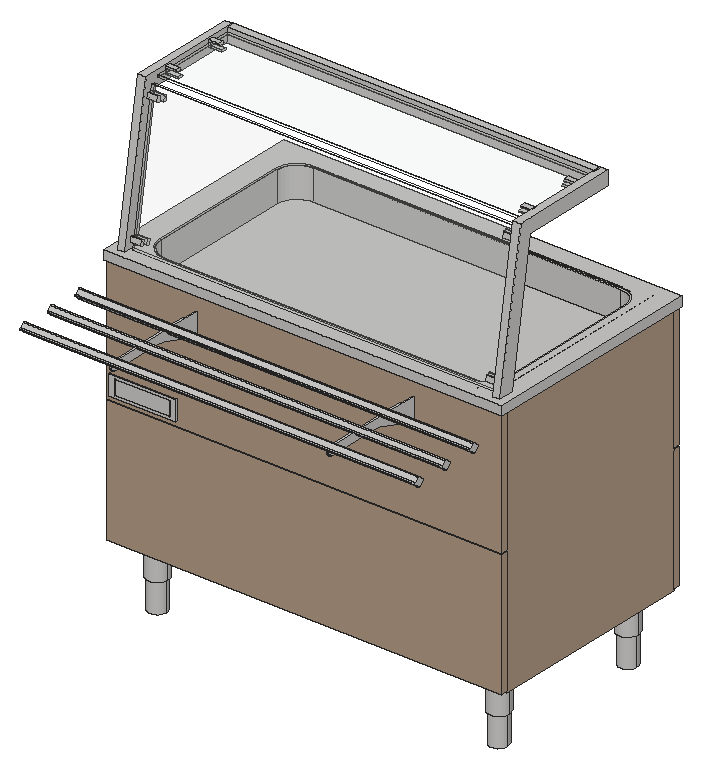
Revit family "QF_ELECTROLUXPROFESSIONAL_322097_F14C3AF01W", category Specialty Equipment, Revit 2018
Family settings
  Round Connector Dimension = Use Diameter
  Part Type = Normal
  Work Plane-Based = No
  Always vertical = Yes
  Cut with Voids When Loaded = No
  Shared = No
  Room Calculation Point = No
Parameters (values of type "Standard")
  Weight = 122.00 kg
  Watts = 0 W
  Volts = 220 V
  URL Manufacturer = "http://professional.electrolux.com"
  URL = "http://professional.electrolux.com"
  Steam Supply Size = 0 mm
  Steam Supply Minimum Pressure = 0.0 Pa
  Steam Supply Maximum Pressure = 0.0 Pa
  Steam Pounds per Hour = 0
  Show Clearance [instance] = yes
  Refrigeration Suction Line Size = 0 mm
  Refrigeration Liquid Line Size = 0 mm
  Refrigerant Compressor Remote = yes
  Manufacturer = "Electrolux Professional"
  Phase = 1
  Model = "F14C3AF01W"
  Length Actual = 1100 mm  # constant formula
  Item Number = "322097"
  Hot Water Size = 0 mm
  Height Actual = 1304 mm  # constant formula
  HP = "0 HP"
  Gas Size = 0 mm
  Gas KW = 0
  Gas Input Pressure = 0 W
  Direct Waste Size = 0 mm
  Description = "REFRIGERATED S/S SURFACE, 3GN H=900MM OVERSHELF W/LED LIGHTS"
  Depth Actual = 915 mm  # constant formula
  Cycle = 50 Hz
  Condensate Return Size = 0 mm
  Compressed Air Volume = 0.0 L/s
  Compressed Air Size = 0 mm
  Compressed Air Pressure = 0.0 Pa
  Cold Water Size = 0 mm
  Accessory = yes
Types (2, lengths in mm): name | URL | Manufacturer | Phase | Model | Description
  (no name) | 0 | 0 | 0 | 0 | 0
  Standard | "http://professional.electrolux.com" | "Electrolux Professional" | 1 | "F14C3AF01W" | "REFRIGERATED S/S SURFACE, 3GN H=900MM OVERSHELF W/LED LIGHTS"
Values of the unnamed type that differ from the named types
  Volts = 0 V
  URL Manufacturer = ""
  Item Number = ""
  Cycle = 0 Hz
Reference planes
  plane 1 "Centro (Fronte/Retro)": y = 74.737
  plane 2: z = 0
  plane 3 "BACK": y = 384.737
  plane 4 "FRONT": y = -235.263
  plane 5: z = 900
  plane 6 "RIGHT": x = 35.731
  plane 7 "LEFT": x = -1064.269
  plane 8: x = -514.269
  plane 9: y = 664.737
  plane 10: y = -530.02
  plane 11: z = 178
  plane 12: z = 1304
  plane 13: z = 1222
  plane 14: y = 297.737
  plane 15: y = -148.263
  plane 16: x = -986.269
  plane 17: x = -42.269
  plane 18: x = -1060.269
  plane 19: y = -231.263
  plane 20: x = 31.731
  plane 21: y = 380.737
  plane 22: z = 874
  plane 23: y = 362.737
  plane 24: y = -213.263
  plane 25: z = 182
  plane 26: z = 527
  plane 27: z = 531
  plane 28: x = -212.269
  plane 29: x = -816.269
  plane 30: x = -1042.394
  plane 31: x = 13.856
  plane 32: x = -6.144
  plane 33: x = -1022.394
  plane 34: x = -1014.269
  plane 35: x = -14.269
  plane 36: y = 130.237
  plane 37: y = 19.237
  plane 38: y = 33.237
  plane 39: y = 116.237
  plane 40: x = -952.269
  plane 41: x = -69.269
Forms (mm)
  Extrusion 1, solid, material "QF_Finishes_Wood"
    sketch origin (0, 0, 0) x (1, 0, 0) y (0, 1, 0)
      loop
        line (-1060.269, 362.737) -> (-1060.269, -213.263) -> (31.731, -213.263) -> (31.731, 362.737) -> (-1060.269, 362.737)
    from 178 to 874
  Extrusion 2, solid, material "QF_Finishes_Wood"
    sketch origin (31.731, 362.737, 0) x (0, -1, 0) y (0, 0, -1)
      loop
        line (576, -182) -> (576, -527) -> (594, -527) -> (594, -182) -> (576, -182)
      loop
        line (576, -531) -> (576, -874) -> (594, -874) -> (594, -531) -> (576, -531)
    from 0 to -1092
  Extrusion 3, solid, material "QF_Finishes_Wood"
    sketch origin (31.731, -213.263, 0) x (0, 1, 0) y (0, 0, 1)
      loop
        line (576, 531) -> (594, 531) -> (594, 874) -> (576, 874) -> (576, 531)
    from 0 to -1092
  Extrusion 4, solid, material "QF_Finishes_Stainless Steel"
    sketch origin (0, 0, 0) x (1, 0, 0) y (0, 1, 0)
      loop
        line (-1064.269, 384.737) -> (-1064.269, -235.263) -> (35.731, -235.263) -> (35.731, 384.737) -> (-1064.269, 384.737)
    from 874 to 900
  Extrusion 5, solid, material "QF_Finishes_Stainless Steel"
    sketch origin (-217.269, 362.737, 0) x (0, -1, 0) y (0, 0, -1)
      loop
        arc (628.84, -832.7) -> (632.082, -833.911) -> (635.519, -834.32) r 14.5
        line (635.519, -834.32) -> (675.715, -834.32) -> (689.858, -820.177) -> (704, -834.32) -> (770.715, -834.32) -> (784.858, -820.177) -> (799, -834.32) -> (865.716, -834.32) -> (879.858, -820.177) -> (887.686, -828.005) -> (887.686, -821.352)
        arc (887.686, -821.352) -> (887.303, -819.435) -> (886.214, -817.81) r 4.999
        line (886.214, -817.81) -> (881.179, -812.776)
        arc (881.179, -812.776) -> (879.559, -811.698) -> (877.651, -811.32) r 5
        line (877.651, -811.32) -> (732.206, -811.32)
        arc (732.206, -811.32) -> (708.662, -809.221) -> (685.86, -802.991) r 133.106
        line (685.86, -802.991) -> (638.285, -785.32) -> (597.679, -770.12) -> (594, -770.12) -> (594, -832.7) -> (628.84, -832.7)
    from 0 to 5
  Extrusion 6, void
    sketch origin (0, 0, 0) x (1, 0, 0) y (0, 1, 0)
      loop
        line (-999.269, 273.737) -> (-999.269, -124.263)
        arc (-999.269, -124.263) -> (-981.402, -167.396) -> (-938.269, -185.263) r 61
        line (-938.269, -185.263) -> (-90.269, -185.263)
        arc (-90.269, -185.263) -> (-47.135, -167.396) -> (-29.269, -124.263) r 61
        line (-29.269, -124.263) -> (-29.269, 273.737)
        arc (-29.269, 273.737) -> (-47.135, 316.871) -> (-90.269, 334.737) r 61
        line (-90.269, 334.737) -> (-938.269, 334.737)
        arc (-938.269, 334.737) -> (-981.402, 316.871) -> (-999.269, 273.737) r 61
    from 811.32 to 900
  Extrusion 7, solid, material "QF_Finishes_Wood"
    sketch origin (419.731, -213.263, -348) x (0, 1, 0) y (0, 0, 1)
      loop
        line (576, 530) -> (594, 530) -> (594, 875) -> (576, 875) -> (576, 530)
    from -388 to -658.044
  Extrusion 8, solid, material "QF_Finishes_Wood"
    sketch origin (-234.269, -213.263, -348) x (0, 1, 0) y (0, 0, 1)
      loop
        line (576, 530) -> (594, 530) -> (594, 875) -> (576, 875) -> (576, 530)
    from -548.963 to -826
  Extrusion 9, solid, material "QF_Door-Drawer Clearances", visible <- "Show Clearance"
    sketch origin (0, -4, 0) x (1, 0, 0) y (0, 1, 0)
      loop
        line (-783.232, 384.737) -> (-238.312, 384.737) -> (-710.987, 657.636)
        arc (-710.987, 657.636) -> (-765.12, 525.955) -> (-783.232, 384.737) r 544.001
    from 182 to 527
  Extrusion 10, solid, material "QF_Finishes_Stainless Steel"
    sketch origin (-816.269, 362.737, 0) x (0, -1, 0) y (0, 0, -1)
      loop
        arc (628.84, -832.7) -> (632.082, -833.911) -> (635.519, -834.32) r 14.5
        line (635.519, -834.32) -> (675.715, -834.32) -> (689.858, -820.177) -> (704, -834.32) -> (770.715, -834.32) -> (784.858, -820.177) -> (799, -834.32) -> (865.716, -834.32) -> (879.858, -820.177) -> (887.686, -828.005) -> (887.686, -821.352)
        arc (887.686, -821.352) -> (887.303, -819.435) -> (886.214, -817.81) r 4.999
        line (886.214, -817.81) -> (881.179, -812.776)
        arc (881.179, -812.776) -> (879.559, -811.698) -> (877.651, -811.32) r 5
        line (877.651, -811.32) -> (732.206, -811.32)
        arc (732.206, -811.32) -> (708.662, -809.221) -> (685.86, -802.991) r 133.106
        line (685.86, -802.991) -> (638.285, -785.32) -> (597.679, -770.12) -> (594, -770.12) -> (594, -832.7) -> (628.84, -832.7)
    from 0 to 5
  Extrusion 11, solid, material "QF_Finishes_Stainless Steel"
    sketch origin (31.731, 362.737, 0) x (0, -1, 0) y (0, 0, -1)
      loop
        line (881.983, -846.337) -> (891.875, -836.445)
        arc (891.875, -836.445) -> (892.757, -834.322) -> (891.879, -832.198) r 3
        line (891.879, -832.198) -> (881.979, -822.299)
        arc (881.979, -822.299) -> (879.858, -821.42) -> (877.737, -822.299) r 3
        line (877.737, -822.299) -> (867.837, -832.198)
        arc (867.837, -832.198) -> (866.958, -834.32) -> (867.837, -836.441) r 3
        line (867.837, -836.441) -> (877.737, -846.34)
        arc (877.737, -846.34) -> (879.86, -847.219) -> (881.983, -846.337) r 3
      loop
        line (786.979, -846.34) -> (796.879, -836.441)
        arc (796.879, -836.441) -> (797.757, -834.32) -> (796.879, -832.198) r 3
        line (796.879, -832.198) -> (786.979, -822.299)
        arc (786.979, -822.299) -> (784.858, -821.42) -> (782.737, -822.299) r 3
        line (782.737, -822.299) -> (772.837, -832.198)
        arc (772.837, -832.198) -> (771.958, -834.317) -> (772.833, -836.437) r 3
        line (772.833, -836.437) -> (782.741, -846.345)
        arc (782.741, -846.345) -> (784.861, -847.219) -> (786.979, -846.34) r 3
      loop
        line (691.976, -846.343) -> (701.882, -836.438)
        arc (701.882, -836.438) -> (702.757, -834.318) -> (701.879, -832.198) r 3
        line (701.879, -832.198) -> (691.979, -822.299)
        arc (691.979, -822.299) -> (689.858, -821.42) -> (687.737, -822.299) r 3
        line (687.737, -822.299) -> (677.837, -832.198)
        arc (677.837, -832.198) -> (676.958, -834.32) -> (677.837, -836.441) r 3
        line (677.837, -836.441) -> (687.737, -846.34)
        arc (687.737, -846.34) -> (689.856, -847.219) -> (691.976, -846.343) r 3
    from 0 to -1092
  Extrusion 12, solid, material "QF_Finishes_Stainless Steel"
    sketch origin (31.731, 362.737, 0) x (0, -1, 0) y (0, 0, -1)
      loop
        line (206.477, -1264.379) -> (206.477, -1304) -> (507.108, -1304) -> (578.344, -900) -> (537.727, -900) -> (473.477, -1264.379) -> (206.477, -1264.379)
    from -17.875 to -37.875
  Extrusion 13, solid, material "QF_Finishes_Stainless Steel"
    sketch origin (-895.269, 362.737, 0) x (0, -1, 0) y (0, 0, 1)
      loop
        line (206.477, 1264.379) -> (473.477, 1264.379) -> (537.727, 900) -> (578.344, 900) -> (507.108, 1304) -> (206.477, 1304) -> (206.477, 1264.379)
    from 147.125 to 127.125
  Extrusion 14, solid, material "QF_Finishes_Glass"
    sketch origin (-133.269, -231.263, 531) x (0, 0, 1) y (-1, 0, 0)
      loop
        line (757.879, -119) -> (765.879, -119) -> (765.879, 881) -> (757.879, 881) -> (757.879, -119)
    from -361.5 to -120.204
  Extrusion 15, solid, material "QF_Finishes_Stainless Steel"
    sketch origin (0, 0, 0) x (1, 0, 0) y (0, 1, 0)
      loop
        line (-1022.394, 156.26) -> (-1022.394, 136.26) -> (-6.144, 136.26) -> (-6.144, 156.26) -> (-1022.394, 156.26)
    from 1264.379 to 1304
  Extrusion 16, solid, material "QF_Finishes_Glass"
    sketch origin (-133.269, 362.737, 0) x (0, -1, 0) y (0, 0, -1)
      loop
        line (494.569, -1282.974) -> (562.097, -900) -> (553.974, -900) -> (486.445, -1282.974) -> (494.569, -1282.974)
    from 119 to -881
  Extrusion 17, solid, material "QF_Finishes_Wood"
    sketch origin (314.688, -213.263, -348) x (0, 1, 0) y (0, 0, 1)
      loop
        line (576, 530) -> (594, 530) -> (594, 875) -> (576, 875) -> (576, 530)
    from -553 to -1097.92
  Extrusion 18, solid, material "QF_Finishes_Stainless Steel"
    sketch origin (-283.269, -64.263, 531) x (0, 0, 1) y (-1, 0, 0)
      loop
        line (765.879, 706.5) -> (770.879, 708.5) -> (770.879, 739.125) -> (750.879, 739.125) -> (750.879, 731) -> (751.974, 731) -> (751.974, 700.938) -> (755.879, 702.5) -> (755.879, 732) -> (765.879, 732) -> (765.879, 706.5)
    from 0 to 14
  Extrusion 19, solid, material "QF_Finishes_Stainless Steel"
    sketch origin (-283.269, 85.737, 531) x (0, 0, 1) y (-1, 0, 0)
      loop
        line (765.879, 706.5) -> (770.879, 708.5) -> (770.879, 739.125) -> (750.879, 739.125) -> (750.879, 731) -> (751.974, 731) -> (751.974, 700.938) -> (755.879, 702.5) -> (755.879, 732) -> (765.879, 732) -> (765.879, 706.5)
    from 0 to 14
  Extrusion 20, solid, material "QF_Finishes_Stainless Steel"
    sketch origin (-745.269, -64.263, 531) x (0, 0, 1) y (-1, 0, 0)
      loop
        line (765.879, -706.5) -> (765.879, -732) -> (755.879, -732) -> (755.879, -702.5) -> (751.974, -700.938) -> (751.974, -731) -> (750.879, -731) -> (750.879, -739.125) -> (770.879, -739.125) -> (770.879, -708.5) -> (765.879, -706.5)
    from 0 to 14
  Extrusion 21, solid, material "QF_Finishes_Stainless Steel"
    sketch origin (-745.269, 85.737, 531) x (0, 0, 1) y (-1, 0, 0)
      loop
        line (765.879, -706.5) -> (765.879, -732) -> (755.879, -732) -> (755.879, -702.5) -> (751.974, -700.938) -> (751.974, -731) -> (750.879, -731) -> (750.879, -739.125) -> (770.879, -739.125) -> (770.879, -708.5) -> (765.879, -706.5)
    from 0 to 14
  Extrusion 22, solid, material "QF_Finishes_Stainless Steel"
    sketch origin (-745.269, 619.458, 1129.907) x (0, -0.984808, 0.173648) y (-1, 0, 0)
      loop
        line (765.879, -706.5) -> (765.879, -732) -> (755.879, -732) -> (755.879, -702.5) -> (751.974, -700.938) -> (751.974, -731) -> (750.879, -731) -> (750.879, -739.125) -> (770.879, -739.125) -> (770.879, -708.5) -> (765.879, -706.5)
    from 0 to 14
  Extrusion 23, solid, material "QF_Finishes_Stainless Steel"
    sketch origin (-283.269, 619.458, 1129.907) x (0, -0.984808, 0.173648) y (-1, 0, 0)
      loop
        line (765.879, 706.5) -> (770.879, 708.5) -> (770.879, 739.125) -> (750.879, 739.125) -> (750.879, 731) -> (751.974, 731) -> (751.974, 700.938) -> (755.879, 702.5) -> (755.879, 732) -> (765.879, 732) -> (765.879, 706.5)
    from 0 to 14
  Extrusion 24, solid, material "QF_Finishes_Stainless Steel"
    sketch origin (-745.269, 562.154, 799.389) x (0, -0.984808, 0.173648) y (-1, 0, 0)
      loop
        line (765.879, -706.5) -> (765.879, -732) -> (755.879, -732) -> (755.879, -702.5) -> (751.974, -700.938) -> (751.974, -731) -> (750.879, -731) -> (750.879, -739.125) -> (770.879, -739.125) -> (770.879, -708.5) -> (765.879, -706.5)
    from 0 to 14
  Extrusion 25, solid, material "QF_Finishes_Stainless Steel"
    sketch origin (-283.269, 562.154, 799.389) x (0, -0.984808, 0.173648) y (-1, 0, 0)
      loop
        line (765.879, 706.5) -> (770.879, 708.5) -> (770.879, 739.125) -> (750.879, 739.125) -> (750.879, 731) -> (751.974, 731) -> (751.974, 700.938) -> (755.879, 702.5) -> (755.879, 732) -> (765.879, 732) -> (765.879, 706.5)
    from 0 to 14
  Extrusion 26, solid, material "QF_Finishes_Stainless Steel"
    sketch origin (-1193.537, 0, 0) x (-1, 0, 0) y (0, -1, 0)
      loop
        circle (-196.269, -124.737) r 10
    from 178 to 166
  Extrusion 27, solid, material "QF_Finishes_Stainless Steel"
    sketch origin (-1193.537, 149.474, 0) x (-1, 0, 0) y (0, -1, 0)
      loop
        circle (-196.269, 124.737) r 10
    from 178 to 166
Cuts and joins
  Extrusion 6 cuts Extrusion 1
  Extrusion 6 cuts Extrusion 4
Lines and regions (mm)
  symbolic lines
    curve 1: line (35.731, 384.737, 0) -> (35.731, -235.263, 0)
    curve 2: line (-1064.269, -235.263, 0) -> (-1064.269, 384.737, 0)
    curve 3: line (-1064.269, 384.737, 0) -> (35.731, 384.737, 0)
    curve 4: line (-1064.269, -235.263, 0) -> (35.731, -235.263, 0)
    curve 5: line (-14.269, -64.263, 0) -> (-14.269, 71.737, 0)
    curve 6: line (-1014.269, 71.737, 0) -> (-1014.269, -64.263, 0)
    curve 7: line (-1042.394, 156.26, 0) -> (13.856, 156.26, 0)
    curve 8: line (13.856, 156.26, 0) -> (13.856, -215.607, 0)
    curve 9: line (13.856, -215.607, 0) -> (-6.144, -215.607, 0)
    curve 10: line (-6.144, -215.607, 0) -> (-6.144, 156.26, 0)
    curve 11: line (-6.144, 136.26, 0) -> (-1022.394, 136.26, 0)
    curve 12: line (-1022.394, 156.26, 0) -> (-1022.394, -215.607, 0)
    curve 13: line (-1022.394, -215.607, 0) -> (-1042.394, -215.607, 0)
    curve 14: line (-1042.394, -215.607, 0) -> (-1042.394, 156.26, 0)
    curve 15: line (-1042.394, -144.371, 0) -> (-1022.394, -144.371, 0)
    curve 16: line (-6.144, -144.371, 0) -> (13.856, -144.371, 0)
    curve 17: line (-1014.269, 130.237, 0) -> (-1014.269, 85.737, 0)
    curve 18: line (-1014.269, 130.237, 0) -> (-14.269, 130.237, 0)
    curve 19: line (-14.269, 130.237, 0) -> (-14.269, 85.737, 0)
    curve 20: line (-14.269, -78.263, 0) -> (-14.269, -111.059, 0)
    curve 21: line (-6.144, 85.737, 0) -> (-44.331, 85.737, 0)
    curve 22: line (-44.331, 85.737, 0) -> (-44.331, 71.737, 0)
    curve 23: line (-44.331, 71.737, 0) -> (-6.144, 71.737, 0)
    curve 24: line (-6.144, -64.263, 0) -> (-44.331, -64.263, 0)
    curve 25: line (-44.331, -64.263, 0) -> (-44.331, -78.263, 0)
    curve 26: line (-44.331, -78.263, 0) -> (-6.144, -78.263, 0)
    curve 27: line (-1022.394, -64.263, 0) -> (-989.769, -64.263, 0)
    curve 28: line (-989.769, -64.263, 0) -> (-989.769, -78.263, 0)
    curve 29: line (-989.769, -78.263, 0) -> (-1022.394, -78.263, 0)
    curve 30: line (-1022.394, 85.737, 0) -> (-989.769, 85.737, 0)
    curve 31: line (-989.769, 85.737, 0) -> (-989.769, 71.737, 0)
    curve 32: line (-989.769, 71.737, 0) -> (-1022.394, 71.737, 0)
    curve 33: line (-1022.394, -142.14, 0) -> (-991.769, -142.14, 0)
    curve 34: line (-991.769, -142.14, 0) -> (-991.769, -139.709, 0)
    curve 35: line (-991.769, -139.709, 0) -> (-1022.394, -139.709, 0)
    curve 36: line (-991.769, -142.14, 0) -> (-989.769, -137.216, 0)
    curve 37: line (-1015.269, -134.785, 0) -> (-989.769, -134.785, 0)
    curve 38: line (-1015.269, -134.785, 0) -> (-1015.269, -124.937, 0)
    curve 39: line (-1015.269, -124.937, 0) -> (-1014.269, -124.937, 0)
    curve 40: line (-1015.269, -127.368, 0) -> (-1014.269, -127.368, 0)
    curve 41: line (-1022.394, -120.013, 0) -> (-1014.269, -120.013, 0)
    curve 42: line (-1014.269, -120.013, 0) -> (-1014.269, -121.091, 0)
    curve 43: line (-984.207, -121.091, 0) -> (-984.207, -123.708, 0)
    curve 44: line (-984.207, -121.091, 0) -> (-985.269, -123.708, 0)
    curve 45: line (-991.769, -139.709, 0) -> (-989.769, -134.785, 0)
    curve 46: line (-989.769, -134.785, 0) -> (-989.769, -137.216, 0)
    curve 47: line (-1014.269, -123.708, 0) -> (-1014.269, -134.785, 0)
    curve 48: line (-14.269, -131.831, 0) -> (-14.269, -123.708, 0)
    curve 49: line (-14.269, -123.708, 0) -> (-1014.269, -123.708, 0)
    curve 50: line (-6.144, -142.14, 0) -> (-36.769, -142.14, 0)
    curve 51: line (-36.769, -142.14, 0) -> (-36.769, -139.709, 0)
    curve 52: line (-36.769, -139.709, 0) -> (-6.144, -139.709, 0)
    curve 53: line (-36.769, -142.14, 0) -> (-38.769, -137.216, 0)
    curve 54: line (-13.269, -134.785, 0) -> (-38.769, -134.785, 0)
    curve 55: line (-13.269, -134.785, 0) -> (-13.269, -124.937, 0)
    curve 56: line (-13.269, -124.937, 0) -> (-14.269, -124.937, 0)
    curve 57: line (-13.269, -127.368, 0) -> (-14.269, -127.368, 0)
    curve 58: line (-6.144, -120.013, 0) -> (-14.269, -120.013, 0)
    curve 59: line (-14.269, -120.013, 0) -> (-14.269, -121.091, 0)
    curve 60: line (-44.331, -121.091, 0) -> (-44.331, -123.708, 0)
    curve 61: line (-44.331, -121.091, 0) -> (-43.268, -123.708, 0)
    curve 62: line (-36.769, -139.709, 0) -> (-38.769, -134.785, 0)
    curve 63: line (-38.769, -134.785, 0) -> (-38.769, -137.216, 0)
    curve 64: line (-14.269, -123.708, 0) -> (-14.269, -134.785, 0)
    curve 65: line (-1014.269, -142.14, 0) -> (-1014.269, -192.089, 0)
    curve 66: line (-1014.269, -177.317, 0) -> (-1022.394, -177.317, 0)
    curve 67: line (-1014.269, -182.241, 0) -> (-1015.269, -182.241, 0)
    curve 68: line (-1015.269, -184.672, 0) -> (-1014.269, -184.672, 0)
    curve 69: line (-1015.269, -182.241, 0) -> (-1015.269, -192.089, 0)
    curve 70: line (-1015.269, -192.089, 0) -> (-989.779, -192.089, 0)
    curve 71: line (-991.769, -197.013, 0) -> (-989.779, -192.089, 0)
    curve 72: line (-989.779, -192.089, 0) -> (-989.779, -194.52, 0)
    curve 73: line (-991.769, -199.444, 0) -> (-989.779, -194.52, 0)
    curve 74: line (-991.769, -197.013, 0) -> (-991.769, -199.444, 0)
    curve 75: line (-1022.394, -199.444, 0) -> (-991.769, -199.444, 0)
    curve 76: line (-991.769, -197.013, 0) -> (-1022.394, -197.013, 0)
    curve 77: line (-14.269, -177.317, 0) -> (-6.144, -177.317, 0)
    curve 78: line (-14.269, -182.241, 0) -> (-13.269, -182.241, 0)
    curve 79: line (-13.269, -184.672, 0) -> (-14.269, -184.672, 0)
    curve 80: line (-13.269, -182.241, 0) -> (-13.269, -192.089, 0)
    curve 81: line (-13.269, -192.089, 0) -> (-38.758, -192.089, 0)
    curve 82: line (-36.769, -197.013, 0) -> (-38.758, -192.089, 0)
    curve 83: line (-38.758, -192.089, 0) -> (-38.758, -194.52, 0)
    curve 84: line (-36.769, -199.444, 0) -> (-38.758, -194.52, 0)
    curve 85: line (-36.769, -197.013, 0) -> (-36.769, -199.444, 0)
    curve 86: line (-6.144, -199.444, 0) -> (-36.769, -199.444, 0)
    curve 87: line (-36.769, -197.013, 0) -> (-6.144, -197.013, 0)
    curve 88: line (-991.735, -199.36, 0) -> (-36.803, -199.36, 0)
    curve 89: line (-1014.269, -78.263, 0) -> (-1014.269, -111.059, 0)
    curve 90: line (-1014.269, -111.059, 0) -> (-14.269, -111.059, 0)
    curve 91: line (-1014.269, -131.831, 0) -> (-14.269, -131.831, 0)
    curve 92: line (-14.269, -142.14, 0) -> (-14.269, -192.089, 0)
    curve 93: line (-44.331, -121.091, 0) -> (-14.269, -121.091, 0)
    curve 94: line (-1014.269, -121.091, 0) -> (-984.207, -121.091, 0)
    curve 95: line (-34.319, 136.26, 0) -> (-34.319, 130.237, 0)
    curve 96: line (-29.269, 136.26, 0) -> (-29.269, 130.237, 0)
    curve 97: line (-999.269, 136.26, 0) -> (-999.269, 130.237, 0)
    curve 101: line (-1064.269, -235.263, 0) -> (-1064.269, -530.02, 0)
    curve 102: line (-1064.269, -530.02, 0) -> (35.731, -530.02, 0)
    curve 103: line (35.731, -530.02, 0) -> (35.731, -235.263, 0)
  symbolic lines, style "QF_Door-Drawer Clearances"
    curve 98: line (-245.24, 384.737, 0) -> (-710.987, 653.636, 0)
    curve 99: arc (-710.987, 653.636, 0) -> (-764.605, 523.887, 0) -> (-783.232, 384.737, 0) r 544.001
    curve 100: line (-285.24, 384.737, 0) -> (-720.987, 636.316, 0)
  symbolic lines, style "SpecialityEquipmentHiddenLines"
    curve 104: line (-34.269, -125.263, 0) -> (-34.269, 274.737, 0)
    curve 105: arc (-34.269, 274.737, 0) -> (-50.378, 313.628, 0) -> (-89.269, 329.737, 0) r 55
    curve 106: line (-89.269, 329.737, 0) -> (-939.269, 329.737, 0)
    curve 107: arc (-939.269, 329.737, 0) -> (-978.16, 313.628, 0) -> (-994.269, 274.737, 0) r 55
    curve 108: line (-994.269, 274.737, 0) -> (-994.269, -125.263, 0)
    curve 109: arc (-994.269, -125.263, 0) -> (-978.16, -164.154, 0) -> (-939.269, -180.263, 0) r 55
    curve 110: line (-939.269, -180.263, 0) -> (-89.269, -180.263, 0)
    curve 111: arc (-89.269, -180.263, 0) -> (-50.378, -164.154, 0) -> (-34.269, -125.263, 0) r 55
Dimensions and locks
  plane 7 "LEFT" to plane 6 "RIGHT" = 1100 mm
  equal spacing: plane 3 "BACK", plane 1 "Centro (Fronte/Retro)", plane 4 "FRONT"
  plane 3 "BACK" to plane 4 "FRONT" = 620 mm
  equal spacing: plane 7 "LEFT", plane 8, plane 6 "RIGHT"
  locked: plane 9 to plane 3 "BACK" at 280
  locked: plane 4 "FRONT" to plane 10 at 294.757
  locked: plane 11 to plane 2 at 178
  locked: plane 5 to plane 2 at 900
  locked: plane 12 to plane 2 at 1304
  locked: plane 13 to plane 2 at 1222
  locked: plane 3 "BACK" to plane 14 at 87
  locked: plane 7 "LEFT" to plane 16 at 78
  locked: plane 17 to plane 6 "RIGHT" at 78
  locked: plane 15 to plane 4 "FRONT" at 87
  locked: plane 3 "BACK" to plane 21 at 4
  locked: plane 7 "LEFT" to plane 18 at 4
  locked: plane 20 to plane 6 "RIGHT" at 4
  locked: plane 19 to plane 4 "FRONT" at 4
  locked: plane 5 to plane 22 at 26
  locked: plane 24 to plane 19 at 18
  locked: plane 21 to plane 23 at 18
  plane 20 to plane 28 = 244 mm
  plane 29 to plane 18 = 244 mm
  equal spacing: plane 30, plane 8, plane 31
  plane 30 to plane 31 = 1056.25 mm
  locked: plane 30 to plane 33 at 20
  locked: plane 32 to plane 31 at 20
  equal spacing: plane 34, plane 8, plane 35
  plane 34 to plane 35 = 1000 mm
  equal spacing: plane 36, plane 1 "Centro (Fronte/Retro)", plane 37
  plane 36 to plane 37 = 111 mm
  locked: plane 36 to plane 39 at 14
  locked: plane 38 to plane 37 at 14
  locked: plane 41 to plane 6 "RIGHT" at 105
  locked: plane 7 "LEFT" to plane 40 at 112
  plane 16 to plane 7 "LEFT" = 78 mm
  plane 6 "RIGHT" to plane 17 = 78 mm
  angle Extrusion 9 sketch curve to Extrusion 9 sketch curve = 30.00°
  aligned and locked: level to plane 2
  aligned and locked: Extrusion 1 sketch curve to plane 23
  aligned and locked: plane 18 to Extrusion 1 sketch curve
  aligned and locked: plane 24 to Extrusion 1 sketch curve
  aligned and locked: Extrusion 1 sketch curve to plane 20
  aligned and locked: plane 22 to Extrusion 1
  aligned and locked: Extrusion 1 to plane 11
  aligned and locked: plane 25 to Extrusion 2 sketch curve
  aligned and locked: Extrusion 2 sketch curve to plane 24  (x2)
  aligned and locked: Extrusion 2 sketch curve to plane 26
  aligned and locked: plane 19 to Extrusion 2 sketch curve  (x2)
  aligned and locked: plane 27 to Extrusion 2 sketch curve
  aligned and locked: Extrusion 2 sketch curve to plane 22
  aligned and locked: Extrusion 2 to plane 18
  aligned and locked: Extrusion 3 to plane 18
  aligned and locked: Extrusion 4 sketch curve to plane 3 "BACK"
  aligned and locked: plane 7 "LEFT" to Extrusion 4 sketch curve
  aligned and locked: plane 4 "FRONT" to Extrusion 4 sketch curve
  aligned and locked: Extrusion 4 sketch curve to plane 6 "RIGHT"
  aligned and locked: Extrusion 4 to plane 22
  aligned and locked: plane 20 to Extrusion 7
  aligned and locked: Extrusion 8 to plane 18
  aligned and locked: plane 26 to Extrusion 9
  aligned and locked: Extrusion 7 to plane 25
  aligned and locked: Extrusion 8 to plane 25
  aligned and locked: plane 16 to nested 1
  aligned and locked: plane 17 to nested 2
  aligned and locked: nested 2 to plane 15
  aligned and locked: nested 1 to plane 15
  aligned and locked: nested 3 to plane 14
  aligned and locked: plane 16 to nested 4
  aligned and locked: plane 20 to Extrusion 11
  aligned and locked: Extrusion 11 to plane 18
  aligned and locked: nested 4 to plane 14
  aligned and locked: Extrusion 12 to plane 31
  aligned and locked: Extrusion 12 to plane 32
  aligned and locked: plane 33 to Extrusion 13
  aligned and locked: Extrusion 13 to plane 30
  aligned and locked: Extrusion 15 sketch curve to plane 32
  aligned and locked: plane 33 to Extrusion 15 sketch curve
  aligned and locked: Extrusion 15 to Extrusion 12
  aligned and locked: Extrusion 16 to plane 34
  aligned and locked: plane 35 to Extrusion 16
  aligned and locked: Extrusion 14 sketch curve to plane 35
  aligned and locked: plane 34 to Extrusion 14 sketch curve
  aligned and locked: plane 17 to nested 3
Automatic sketch dimensions
  Extrusion 1 to Extrusion 3 sketch curve = 0 mm
  Extrusion 3 sketch curve to Extrusion 1 = 0 mm
  Extrusion 3 sketch curve to Extrusion 3 sketch curve = 18 mm
  Extrusion 3 sketch curve to Extrusion 3 sketch curve = 343 mm
  Extrusion 5 sketch curve to plane 19 = 0 mm
  plane 4 "FRONT" to Extrusion 5 sketch curve = 0.321 mm
  Extrusion 5 sketch curve to plane 4 "FRONT" = 30.84 mm
  Extrusion 5 sketch curve to Extrusion 5 sketch curve = 6.66 mm
  Extrusion 5 sketch curve to Extrusion 5 sketch curve = 6.678 mm
  Extrusion 5 sketch curve to Extrusion 5 sketch curve = 2.785 mm
  Extrusion 5 sketch curve to Extrusion 5 sketch curve = 40.197 mm
  Extrusion 5 sketch curve to Extrusion 5 sketch curve = 10.145 mm
  Extrusion 5 sketch curve to Extrusion 5 sketch curve = 3.998 mm
  Extrusion 5 sketch curve to plane 22 = 39.68 mm  (x3)
  Extrusion 5 sketch curve to Extrusion 5 sketch curve = 14.142 mm  (x3)
  Extrusion 5 sketch curve to Extrusion 5 sketch curve = 28.206 mm
  Extrusion 5 sketch curve to Extrusion 5 sketch curve = 38.51 mm
  Extrusion 5 sketch curve to Extrusion 5 sketch curve = 14.143 mm
  plane 10 to Extrusion 5 sketch curve = 27.042 mm
  plane 10 to Extrusion 5 sketch curve = 15.107 mm
  Extrusion 5 sketch curve to Extrusion 5 sketch curve = 2.207 mm
  Extrusion 5 sketch curve to Extrusion 5 sketch curve = 3.528 mm  (x2)
  Extrusion 5 sketch curve to Extrusion 5 sketch curve = 2.829 mm
  plane 10 to Extrusion 5 sketch curve = 5.072 mm
  Extrusion 5 sketch curve to Extrusion 5 sketch curve = 1.62 mm
  Extrusion 5 sketch curve to Extrusion 5 sketch curve = 6.314 mm
  Extrusion 5 sketch curve to Extrusion 5 sketch curve = 6.653 mm
  Extrusion 5 sketch curve to Extrusion 5 sketch curve = 1.175 mm
  Extrusion 5 sketch curve to Extrusion 5 sketch curve = 3.858 mm
  Extrusion 5 sketch curve to Extrusion 5 sketch curve = 3.543 mm
  Extrusion 5 sketch curve to Extrusion 5 sketch curve = 23 mm
  Extrusion 5 sketch curve to Extrusion 5 sketch curve = 17.187 mm
  Extrusion 5 sketch curve to Extrusion 5 sketch curve = 34.499 mm
  Extrusion 5 sketch curve to Extrusion 5 sketch curve = 15.2 mm
  Extrusion 5 sketch curve to Extrusion 5 sketch curve = 0 mm
  Extrusion 6 sketch curve to plane 40 = 14 mm  (x2)
  plane 41 to Extrusion 6 sketch curve = 21 mm  (x2)
  plane 17 to Extrusion 6 sketch curve = 13 mm
  plane 24 to Extrusion 6 sketch curve = 28 mm
  plane 15 to Extrusion 6 sketch curve = 24 mm
  Extrusion 6 sketch curve to plane 14 = 24 mm  (x2)
  Extrusion 6 sketch curve to Extrusion 6 sketch curve = 0 mm  (x3)
  Extrusion 7 sketch curve to plane 23 = 0 mm
  Extrusion 7 sketch curve to plane 21 = 0 mm
  Extrusion 7 sketch curve to plane 25 = 0 mm
  Extrusion 7 sketch curve to plane 26 = 0 mm
  Extrusion 8 sketch curve to plane 23 = 0 mm
  Extrusion 8 sketch curve to plane 21 = 0 mm
  Extrusion 8 sketch curve to plane 25 = 0 mm
  Extrusion 8 sketch curve to plane 26 = 0 mm
  Extrusion 9 sketch curve to plane 21 = 0 mm
  plane 29 to Extrusion 9 sketch curve = 33.037 mm
  Extrusion 9 sketch curve to plane 9 = 11.101 mm
  Extrusion 9 sketch curve to plane 8 = 196.719 mm
  Extrusion 9 sketch curve to plane 3 "BACK" = 2 mm
  Extrusion 10 sketch curve to plane 19 = 0 mm
  plane 4 "FRONT" to Extrusion 10 sketch curve = 0.321 mm
  Extrusion 10 sketch curve to plane 4 "FRONT" = 30.84 mm
  Extrusion 10 sketch curve to Extrusion 10 sketch curve = 6.66 mm
  Extrusion 10 sketch curve to Extrusion 10 sketch curve = 6.678 mm
  Extrusion 10 sketch curve to Extrusion 10 sketch curve = 2.785 mm
  Extrusion 10 sketch curve to Extrusion 10 sketch curve = 40.197 mm
  Extrusion 10 sketch curve to Extrusion 10 sketch curve = 10.145 mm
  Extrusion 10 sketch curve to Extrusion 10 sketch curve = 3.998 mm
  Extrusion 10 sketch curve to plane 22 = 39.68 mm  (x3)
  Extrusion 10 sketch curve to Extrusion 10 sketch curve = 14.142 mm  (x3)
  Extrusion 10 sketch curve to Extrusion 10 sketch curve = 28.206 mm
  Extrusion 10 sketch curve to Extrusion 10 sketch curve = 38.51 mm
  Extrusion 10 sketch curve to Extrusion 10 sketch curve = 14.143 mm
  plane 10 to Extrusion 10 sketch curve = 27.042 mm
  plane 10 to Extrusion 10 sketch curve = 15.107 mm
  Extrusion 10 sketch curve to Extrusion 10 sketch curve = 2.207 mm
  Extrusion 10 sketch curve to Extrusion 10 sketch curve = 3.528 mm  (x2)
  Extrusion 10 sketch curve to Extrusion 10 sketch curve = 2.829 mm
  plane 10 to Extrusion 10 sketch curve = 5.072 mm
  Extrusion 10 sketch curve to Extrusion 10 sketch curve = 1.62 mm
  Extrusion 10 sketch curve to Extrusion 10 sketch curve = 6.314 mm
  Extrusion 10 sketch curve to Extrusion 10 sketch curve = 6.653 mm
  Extrusion 10 sketch curve to Extrusion 10 sketch curve = 1.175 mm
  Extrusion 10 sketch curve to Extrusion 10 sketch curve = 3.858 mm
  Extrusion 10 sketch curve to Extrusion 10 sketch curve = 3.543 mm
  Extrusion 10 sketch curve to Extrusion 10 sketch curve = 23 mm
  Extrusion 10 sketch curve to Extrusion 10 sketch curve = 17.187 mm
  Extrusion 10 sketch curve to Extrusion 10 sketch curve = 34.499 mm
  Extrusion 10 sketch curve to Extrusion 10 sketch curve = 15.2 mm
  Extrusion 10 sketch curve to Extrusion 10 sketch curve = 0 mm
  Extrusion 1 to Extrusion 11 sketch curve = 39.68 mm
  Extrusion 11 sketch curve to Extrusion 1 = 103.958 mm
  Extrusion 11 sketch curve to Extrusion 11 sketch curve = 9.899 mm  (x7)
  Extrusion 1 to Extrusion 11 sketch curve = 27.657 mm
  Extrusion 11 sketch curve to Extrusion 11 sketch curve = 2.118 mm  (x3)
  Extrusion 1 to Extrusion 11 sketch curve = 37.562 mm
  Extrusion 11 sketch curve to Extrusion 11 sketch curve = 2.124 mm  (x2)
  Extrusion 1 to Extrusion 11 sketch curve = 37.563 mm
  Extrusion 11 sketch curve to Extrusion 11 sketch curve = 70.951 mm
  Extrusion 1 to Extrusion 11 sketch curve = 41.802 mm  (x6)
  Extrusion 11 sketch curve to Extrusion 11 sketch curve = 0.004 mm
  Extrusion 11 sketch curve to Extrusion 11 sketch curve = 2.126 mm
  Extrusion 1 to Extrusion 11 sketch curve = 27.655 mm
  Extrusion 11 sketch curve to Extrusion 11 sketch curve = 9.908 mm
  Extrusion 11 sketch curve to Extrusion 11 sketch curve = 2.117 mm
  Extrusion 11 sketch curve to Extrusion 11 sketch curve = 9.9 mm  (x3)
  Extrusion 1 to Extrusion 11 sketch curve = 27.66 mm  (x3)
  Extrusion 11 sketch curve to Extrusion 11 sketch curve = 2.121 mm  (x16)
  Extrusion 1 to Extrusion 11 sketch curve = 37.559 mm  (x3)
  Extrusion 11 sketch curve to Extrusion 11 sketch curve = 70.958 mm
  Extrusion 11 sketch curve to Extrusion 11 sketch curve = 0 mm  (x12)
  Extrusion 1 to Extrusion 11 sketch curve = 51.701 mm  (x6)
  Extrusion 1 to Extrusion 11 sketch curve = 27.663 mm
  Extrusion 11 sketch curve to Extrusion 11 sketch curve = 2.125 mm
  Extrusion 1 to Extrusion 11 sketch curve = 37.555 mm
  Extrusion 1 to Extrusion 12 sketch curve = 206.477 mm
  Extrusion 1 to Extrusion 12 sketch curve = 102.523 mm
  Extrusion 12 sketch curve to Extrusion 12 sketch curve = 33.631 mm
  Extrusion 1 to Extrusion 12 sketch curve = 38.273 mm
  Extrusion 12 sketch curve to Extrusion 1 = 2.344 mm
  Extrusion 12 sketch curve to Extrusion 1 = 430 mm
  Extrusion 12 sketch curve to Extrusion 12 sketch curve = 39.621 mm
  Extrusion 12 sketch curve to Extrusion 1 = 26 mm
  Extrusion 13 sketch curve to plane 12 = 0 mm
  Extrusion 13 sketch curve to plane 5 = 0 mm
  plane 36 to Extrusion 13 sketch curve = 26.023 mm
  plane 15 to Extrusion 13 sketch curve = 37.523 mm
  plane 15 to Extrusion 13 sketch curve = 3.892 mm
  Extrusion 13 sketch curve to plane 15 = 26.727 mm
  Extrusion 13 sketch curve to plane 24 = 2.344 mm
  Extrusion 13 sketch curve to plane 12 = 39.621 mm
  Extrusion 14 sketch curve to plane 12 = 15.121 mm
  Extrusion 14 sketch curve to plane 12 = 7.121 mm
  plane 36 to Extrusion 15 sketch curve = 6.023 mm
  Extrusion 15 sketch curve to Extrusion 15 sketch curve = 20 mm
  Extrusion 16 sketch curve to plane 5 = 0 mm
  plane 15 to Extrusion 16 sketch curve = 24.555 mm
  Extrusion 16 sketch curve to Extrusion 16 sketch curve = 8.123 mm  (x2)
  plane 24 to Extrusion 16 sketch curve = 22.026 mm
  Extrusion 16 sketch curve to plane 12 = 21.026 mm
  Extrusion 17 sketch curve to plane 23 = 0 mm
  Extrusion 17 sketch curve to plane 21 = 0 mm
  Extrusion 17 sketch curve to plane 25 = 0 mm
  Extrusion 17 sketch curve to plane 26 = 0 mm
  Extrusion 18 sketch curve to plane 34 = 0 mm
  Extrusion 18 sketch curve to plane 33 = 0 mm
  Extrusion 18 sketch curve to plane 12 = 22.121 mm
  Extrusion 18 sketch curve to Extrusion 18 sketch curve = 1.095 mm
  plane 16 to Extrusion 18 sketch curve = 0.5 mm
  Extrusion 18 sketch curve to Extrusion 18 sketch curve = 3.905 mm
  Extrusion 18 sketch curve to plane 34 = 1 mm
  Extrusion 18 sketch curve to plane 12 = 7.121 mm
  Extrusion 18 sketch curve to plane 12 = 2.121 mm
  plane 16 to Extrusion 18 sketch curve = 2.062 mm
  Extrusion 18 sketch curve to plane 16 = 3.5 mm
  Extrusion 18 sketch curve to Extrusion 18 sketch curve = 2 mm
  Extrusion 19 sketch curve to plane 34 = 0 mm
  Extrusion 19 sketch curve to plane 33 = 0 mm
  Extrusion 19 sketch curve to plane 12 = 22.121 mm
  Extrusion 19 sketch curve to Extrusion 19 sketch curve = 1.095 mm
  plane 16 to Extrusion 19 sketch curve = 0.5 mm
  Extrusion 19 sketch curve to Extrusion 19 sketch curve = 3.905 mm
  Extrusion 19 sketch curve to plane 34 = 1 mm
  Extrusion 19 sketch curve to plane 12 = 7.121 mm
  Extrusion 19 sketch curve to plane 12 = 2.121 mm
  plane 16 to Extrusion 19 sketch curve = 2.062 mm
  Extrusion 19 sketch curve to plane 16 = 3.5 mm
  Extrusion 19 sketch curve to Extrusion 19 sketch curve = 2 mm
  Extrusion 20 sketch curve to plane 35 = 0 mm
  Extrusion 20 sketch curve to plane 32 = 0 mm
  Extrusion 20 sketch curve to plane 12 = 22.121 mm
  Extrusion 20 sketch curve to Extrusion 20 sketch curve = 1.095 mm
  Extrusion 20 sketch curve to plane 17 = 0.5 mm
  Extrusion 20 sketch curve to Extrusion 20 sketch curve = 3.905 mm
  plane 35 to Extrusion 20 sketch curve = 1 mm
  Extrusion 20 sketch curve to plane 12 = 7.121 mm
  Extrusion 20 sketch curve to plane 12 = 2.121 mm
  plane 17 to Extrusion 20 sketch curve = 5.5 mm
  plane 17 to Extrusion 20 sketch curve = 3.5 mm
  Extrusion 20 sketch curve to plane 17 = 2.062 mm
  Extrusion 21 sketch curve to plane 35 = 0 mm
  Extrusion 21 sketch curve to plane 32 = 0 mm
  Extrusion 21 sketch curve to plane 12 = 22.121 mm
  Extrusion 21 sketch curve to Extrusion 21 sketch curve = 1.095 mm
  Extrusion 21 sketch curve to plane 17 = 0.5 mm
  Extrusion 21 sketch curve to Extrusion 21 sketch curve = 3.905 mm
  plane 35 to Extrusion 21 sketch curve = 1 mm
  Extrusion 21 sketch curve to plane 12 = 7.121 mm
  Extrusion 21 sketch curve to plane 12 = 2.121 mm
  plane 17 to Extrusion 21 sketch curve = 5.5 mm
  plane 17 to Extrusion 21 sketch curve = 3.5 mm
  Extrusion 21 sketch curve to plane 17 = 2.062 mm
  plane 35 to Extrusion 22 sketch curve = 0 mm
  Extrusion 22 sketch curve to Extrusion 22 sketch curve = 1.095 mm
  Extrusion 22 sketch curve to plane 17 = 0.5 mm
  Extrusion 22 sketch curve to Extrusion 22 sketch curve = 3.905 mm
  plane 35 to Extrusion 22 sketch curve = 1 mm
  Extrusion 22 sketch curve to Extrusion 22 sketch curve = 10 mm
  Extrusion 22 sketch curve to Extrusion 22 sketch curve = 5 mm
  plane 32 to Extrusion 22 sketch curve = 0 mm
  plane 17 to Extrusion 22 sketch curve = 5.5 mm
  plane 17 to Extrusion 22 sketch curve = 3.5 mm
  Extrusion 22 sketch curve to plane 17 = 2.062 mm
  Extrusion 23 sketch curve to plane 34 = 0 mm
  Extrusion 23 sketch curve to Extrusion 23 sketch curve = 1.095 mm
  plane 16 to Extrusion 23 sketch curve = 0.5 mm
  Extrusion 23 sketch curve to Extrusion 23 sketch curve = 3.905 mm
  Extrusion 23 sketch curve to plane 34 = 1 mm
  Extrusion 23 sketch curve to Extrusion 23 sketch curve = 10 mm
  Extrusion 23 sketch curve to Extrusion 23 sketch curve = 5 mm
  plane 16 to Extrusion 23 sketch curve = 2.062 mm
  Extrusion 23 sketch curve to plane 16 = 3.5 mm
  Extrusion 23 sketch curve to Extrusion 23 sketch curve = 2 mm
  Extrusion 23 sketch curve to plane 33 = 0 mm
  plane 35 to Extrusion 24 sketch curve = 0 mm
  Extrusion 24 sketch curve to Extrusion 24 sketch curve = 1.095 mm
  Extrusion 24 sketch curve to plane 17 = 0.5 mm
  Extrusion 24 sketch curve to Extrusion 24 sketch curve = 3.905 mm
  plane 35 to Extrusion 24 sketch curve = 1 mm
  Extrusion 24 sketch curve to Extrusion 24 sketch curve = 10 mm
  Extrusion 24 sketch curve to Extrusion 24 sketch curve = 5 mm
  plane 32 to Extrusion 24 sketch curve = 0 mm
  plane 17 to Extrusion 24 sketch curve = 5.5 mm
  plane 17 to Extrusion 24 sketch curve = 3.5 mm
  Extrusion 24 sketch curve to plane 17 = 2.062 mm
  Extrusion 25 sketch curve to plane 34 = 0 mm
  Extrusion 25 sketch curve to Extrusion 25 sketch curve = 1.095 mm
  plane 16 to Extrusion 25 sketch curve = 0.5 mm
  Extrusion 25 sketch curve to Extrusion 25 sketch curve = 3.905 mm
  Extrusion 25 sketch curve to plane 34 = 1 mm
  Extrusion 25 sketch curve to Extrusion 25 sketch curve = 10 mm
  Extrusion 25 sketch curve to Extrusion 25 sketch curve = 5 mm
  plane 16 to Extrusion 25 sketch curve = 2.062 mm
  Extrusion 25 sketch curve to plane 16 = 3.5 mm
  Extrusion 25 sketch curve to Extrusion 25 sketch curve = 2 mm
  Extrusion 25 sketch curve to plane 33 = 0 mm
  plane 16 to Extrusion 26 sketch curve = 11 mm
  plane 36 to Extrusion 26 sketch curve = 5.5 mm
  Extrusion 27 sketch curve to plane 16 = 11 mm
  plane 37 to Extrusion 27 sketch curve = 5.5 mm
  curve 101 to plane 7 "LEFT" = 0 mm
  curve 13 to plane 30 = 0 mm
  curve 35 to plane 33 = 0 mm
  curve 6 to plane 34 = 0 mm
  curve 68 to plane 34 = 0 mm
  curve 90 to plane 34 = 0 mm
  curve 18 to plane 34 = 0 mm
  curve 49 to plane 34 = 0 mm
  curve 97 to plane 36 = 0 mm
  curve 99 to plane 3 "BACK" = 0 mm
  curve 64 to plane 35 = 0 mm
  curve 92 to plane 35 = 0 mm
  curve 5 to plane 35 = 0 mm
  curve 90 to plane 35 = 0 mm
  curve 18 to plane 35 = 0 mm
  curve 77 to plane 32 = 0 mm
  curve 8 to plane 31 = 0 mm
  curve 103 to plane 6 "RIGHT" = 0 mm
  curve 102 to plane 10 = 0 mm
  curve 4 to plane 4 "FRONT" = 0 mm
  curve 38 to plane 34 = 1 mm
  curve 67 to plane 34 = 1 mm
  curve 41 to plane 34 = 0 mm
  curve 76 to plane 16 = 5.5 mm
  curve 33 to plane 16 = 5.5 mm
  curve 70 to plane 16 = 3.511 mm
  curve 34 to curve 36 = 2 mm
  curve 28 to plane 16 = 3.5 mm
  curve 31 to plane 16 = 3.5 mm
  plane 16 to curve 44 = 2.062 mm
  curve 98 to plane 9 = 11.101 mm
  plane 29 to curve 98 = 105.281 mm
  curve 99 to plane 3 "BACK" = 2 mm
  curve 99 to plane 28 = 26.966 mm
  curve 25 to plane 17 = 2.062 mm
  curve 21 to plane 17 = 2.062 mm
  curve 93 to plane 17 = 2.062 mm
  plane 17 to curve 63 = 3.5 mm
  plane 17 to curve 84 = 3.511 mm
  curve 53 to curve 53 = 2 mm
  curve 83 to curve 87 = 1.989 mm
  plane 35 to curve 58 = 0 mm
  plane 35 to curve 55 = 1 mm
  curve 92 to curve 81 = 1 mm
  curve 13 to plane 24 = 2.344 mm
  curve 10 to plane 24 = 2.344 mm
  plane 24 to curve 75 = 13.819 mm
  plane 24 to curve 86 = 13.819 mm
  curve 73 to curve 76 = 2.431 mm
  curve 84 to curve 85 = 2.431 mm
  curve 71 to curve 73 = 2.493 mm
  curve 82 to curve 84 = 2.493 mm
  curve 87 to curve 80 = 4.924 mm
  curve 72 to curve 70 = 2.431 mm
  curve 69 to curve 69 = 9.848 mm
  curve 80 to curve 78 = 9.848 mm
  plane 15 to curve 36 = 6.122 mm
  plane 15 to curve 50 = 6.122 mm
  curve 50 to curve 52 = 2.431 mm
  curve 33 to curve 35 = 2.431 mm
  curve 51 to curve 63 = 2.493 mm
  curve 34 to curve 36 = 2.493 mm
  curve 53 to curve 62 = 2.431 mm
  curve 36 to curve 46 = 2.431 mm
  curve 64 to curve 48 = 2.954 mm
  curve 48 to curve 56 = 6.894 mm
  curve 91 to curve 39 = 6.894 mm
  curve 56 to curve 64 = 1.229 mm
  curve 60 to curve 61 = 2.617 mm
  curve 43 to curve 44 = 2.617 mm
  curve 59 to curve 59 = 1.078 mm
  curve 42 to curve 41 = 1.078 mm
  curve 58 to curve 90 = 8.954 mm
  curve 89 to curve 29 = 32.796 mm
  curve 60 to curve 26 = 42.828 mm
  curve 25 to curve 24 = 14 mm
  curve 28 to curve 27 = 14 mm
  plane 1 "Centro (Fronte/Retro)" to curve 22 = 3 mm
  plane 1 "Centro (Fronte/Retro)" to curve 32 = 3 mm
  curve 31 to plane 1 "Centro (Fronte/Retro)" = 11 mm
  curve 22 to plane 1 "Centro (Fronte/Retro)" = 11 mm
  plane 36 to curve 7 = 26.023 mm
  plane 36 to curve 97 = 6.023 mm
  curve 97 to plane 16 = 13 mm
  curve 73 to curve 88 = 0.034 mm
  plane 16 to curve 44 = 0.999 mm
  curve 100 to plane 9 = 28.421 mm
  curve 100 to curve 98 = 10 mm
  curve 100 to curve 99 = 46.005 mm
  curve 98 to curve 99 = 6.005 mm
  curve 61 to plane 17 = 0.999 mm
  plane 17 to curve 95 = 7.95 mm
  curve 95 to curve 96 = 5.05 mm
  curve 79 to curve 78 = 2.431 mm
  curve 68 to curve 67 = 2.431 mm
  curve 78 to curve 77 = 4.924 mm
  curve 67 to curve 66 = 4.924 mm
  curve 16 to curve 50 = 2.23 mm
  plane 15 to curve 15 = 3.892 mm
  curve 40 to curve 39 = 2.431 mm
  curve 57 to curve 56 = 2.431 mm
  plane 41 to curve 105 = 20 mm
  plane 17 to curve 104 = 8 mm
  curve 104 to curve 61 = 1.555 mm
  curve 106 to plane 40 = 13 mm
  curve 107 to plane 14 = 23 mm
  curve 108 to curve 44 = 1.555 mm
  curve 109 to plane 40 = 13 mm
  plane 41 to curve 110 = 20 mm
  radius of Extrusion 26 sketch curve = 10 mm
  radius of Extrusion 27 sketch curve = 10 mm
Nested families
  nested 1: "Foot_Ø50_H150" at (-986.269, -148.263, 0), type "Foot_Ø50_H150"
  nested 2: "Foot_Ø50_H150" at (-42.269, -148.263, 0), type "Foot_Ø50_H150"
  nested 3: "Foot_Ø50_H150" at (-42.269, 297.737, 0), type "Foot_Ø50_H150"
  nested 4: "Foot_Ø50_H150" at (-986.269, 297.737, 0), type "Foot_Ø50_H150"
  nested 5: "Cold SS surface 1100" at (0, 0, 0), type "Cold SS surface 1100"
    with Show Clearance yes
  nested 6: "Controller_compact" at (-958.019, -231.263, 570.8) x (-1, 0, 0) z (0, -1, 0), type "Controller_compact"
  nested 7: "Refrigerator" at (-144.269, -45.263, 0), type "Refrigerator"
Connectors
  piping at (-997.269, 124.737, 166), diameter 20
    settings: on Extrusion 26, index 6, connector inside diameter 609.6 mm, connector length 0 mm, flow factor 0, pipe flow 0.0 L/s, pressure drop 0.0 Pa, fitting loss kfactor 0, connector angle 0.00°, fixture units 0, engagement length 0 mm, angle of deflection 0.00°, flow configuration 1, flow direction 2, fitting loss method 0, system type 16, joint type 0, gender type 0, connector reference index -1, connector utility 0, adjustable connector no, is connector primary yes, connector description ""
  electrical at (-997.269, 24.737, 166)
    settings: on Extrusion 27, index 8, voltage 0 V, apparent load 0 VA, apparent load phase1 0 VA, apparent load phase2 0 VA, apparent load phase3 0 VA, power factor 1, load classification "Other", number of poles 1, system type 31, power factor state 1, is connector primary yes, connector utility no, sub classification motor no, connector description ""
Definition of nested family "Foot_Ø50_H150"
  Reference planes
    plane 1 "Centro (Fronte/Retro)": y = 0
    plane 2: z = 0
    plane 3 "Centro (Sinistra/Destra)": x = 0
    plane 4: z = 178
  Forms (mm)
    Revolve 1, solid
      sketch origin (255.05, 0, 608.09) x (0, 0, 1) y (-1, 0, 0)
        loop
          line (-608.09, 255.05) -> (-608.09, 230.05) -> (-526.09, 230.05) -> (-526.09, 226.05) -> (-430.09, 226.05) -> (-430.09, 255.05) -> (-608.09, 255.05)
        axis (-608.09, 255.05) -> (-430.09, 255.05)
      angle from 0 to 360
  Dimensions and locks
    Revolve 1 sketch curve to Revolve 1 sketch curve = 96 mm
    aligned and locked: level to plane 2
    aligned and locked: plane 4 to Revolve 1 sketch curve
    aligned and locked: Revolve 1 sketch curve to level
    aligned and locked: plane 3 "Centro (Sinistra/Destra)" to Revolve 1 sketch curve
Definition of nested family "Cold SS surface 1100"
  Parameters (values of type "Cold SS surface 1100")
    Show Clearance [instance] = yes
  Reference planes
    plane 1 "Centro (Fronte/Retro)": y = 74.737
    plane 2: z = 0
    plane 3 "BACK": y = 384.737
    plane 4 "FRONT": y = -235.263
    plane 5 "RIGHT": x = 35.731
    plane 6 "LEFT": x = -1064.269
    plane 7: x = -514.269
    plane 8 "TOP": z = 900
    plane 9: y = 354.737
    plane 10: y = -205.263
    plane 11: x = -14.269
    plane 12: x = -1014.269
    plane 13: y = 329.737
    plane 14: y = -180.263
    plane 15: x = -994.269
    plane 16: x = -34.269
    plane 17: z = 898
    plane 18: z = 812
    plane 19: z = 815
    plane 20: x = -354.269
    plane 21: y = 323.737
    plane 22: y = -174.263
    plane 23: x = -726.004
    plane 24: x = -302.529
    plane 25: x = -914.269
    plane 26: y = 24.737
    plane 27: y = 124.737
    plane 28: z = 671
    plane 29: z = 621
  Forms (mm)
    Extrusion 1, solid
      sketch origin (0, 0, 900) x (-1, 0, 0) y (0, -1, 0)
        loop
          line (14.269, -354.737) -> (1014.269, -354.737) -> (1014.269, 205.263) -> (14.269, 205.263) -> (14.269, -354.737)
      from -2 to -88
    Extrusion 2, void
      sketch origin (0, 0, 900) x (-1, 0, 0) y (0, -1, 0)
        loop
          line (994.269, -274.737) -> (994.269, 125.263)
          arc (994.269, 125.263) -> (978.16, 164.154) -> (939.269, 180.263) r 55
          line (939.269, 180.263) -> (89.269, 180.263)
          arc (89.269, 180.263) -> (50.378, 164.154) -> (34.269, 125.263) r 55
          line (34.269, 125.263) -> (34.269, -274.737)
          arc (34.269, -274.737) -> (50.378, -313.628) -> (89.269, -329.737) r 55
          line (89.269, -329.737) -> (939.269, -329.737)
          arc (939.269, -329.737) -> (978.16, -313.628) -> (994.269, -274.737) r 55
      from 0 to -85
  Cuts and joins
    Extrusion 2 cuts Extrusion 1
  Lines and regions (mm)
    symbolic lines
      curve 1: line (25.731, 384.737, 900) -> (-1054.269, 384.737, 900)
      curve 2: arc (-1054.269, 384.737, 900) -> (-1061.34, 381.808, 900) -> (-1064.269, 374.737, 900) r 10
      curve 3: line (-1064.269, 374.737, 900) -> (-1064.269, -225.263, 900)
      curve 4: arc (-1064.269, -225.263, 900) -> (-1061.34, -232.334, 900) -> (-1054.269, -235.263, 900) r 10
      curve 5: line (-1054.269, -235.263, 900) -> (25.731, -235.263, 900)
      curve 6: arc (25.731, -235.263, 900) -> (32.802, -232.334, 900) -> (35.731, -225.263, 900) r 10
      curve 7: line (35.731, -225.263, 900) -> (35.731, 374.737, 900)
      curve 8: arc (35.731, 374.737, 900) -> (32.802, 381.808, 900) -> (25.731, 384.737, 900) r 10
      curve 9: arc (-121.874, 74.787, 900) -> (-114.874, 67.787, 900) -> (-107.874, 74.787, 900) r 7
      curve 10: arc (-107.874, 74.787, 900) -> (-114.874, 81.787, 900) -> (-121.874, 74.787, 900) r 7
  Dimensions and locks
    plane 6 "LEFT" to plane 5 "RIGHT" = 1100 mm
    equal spacing: plane 3 "BACK", plane 1 "Centro (Fronte/Retro)", plane 4 "FRONT"
    plane 3 "BACK" to plane 4 "FRONT" = 620 mm
    equal spacing: plane 6 "LEFT", plane 7, plane 5 "RIGHT"
    locked: plane 8 "TOP" to plane 2 at 900
    locked: plane 6 "LEFT" to plane 12 at 50
    locked: plane 11 to plane 5 "RIGHT" at 50
    locked: plane 3 "BACK" to plane 9 at 30
    locked: plane 10 to plane 4 "FRONT" at 30
    plane 3 "BACK" to plane 13 = 55 mm
    plane 14 to plane 4 "FRONT" = 55 mm
    plane 6 "LEFT" to plane 15 = 70 mm
    plane 16 to plane 5 "RIGHT" = 70 mm
    locked: plane 8 "TOP" to plane 17 at 2
    plane 8 "TOP" to plane 18 = 88 mm
    locked: plane 19 to plane 18 at 3
    plane 12 to plane 23 = 288.265 mm
    plane 24 to plane 11 = 288.26 mm
    locked: plane 9 to plane 21 at 31
    locked: plane 22 to plane 10 at 31
    plane 11 to plane 12 = 1000 mm
    plane 10 to plane 9 = 560 mm
    aligned and locked: level to plane 2
    aligned and locked: Extrusion 1 sketch curve to plane 9
    aligned and locked: plane 11 to Extrusion 1 sketch curve
    aligned and locked: Extrusion 1 sketch curve to plane 10
    aligned and locked: Extrusion 1 sketch curve to plane 12
    aligned and locked: Extrusion 1 to plane 18
    aligned and locked: Extrusion 2 to plane 19
  Automatic sketch dimensions
    Extrusion 2 sketch curve to plane 21 = 49 mm  (x2)
    plane 22 to Extrusion 2 sketch curve = 49 mm
    plane 15 to Extrusion 2 sketch curve = 55 mm
    curve 7 to plane 5 "RIGHT" = 0 mm
    curve 8 to plane 3 "BACK" = 0 mm
    curve 5 to plane 4 "FRONT" = 0 mm
    curve 3 to plane 6 "LEFT" = 0 mm
    plane 4 "FRONT" to curve 6 = 10 mm
    curve 8 to plane 3 "BACK" = 10 mm
    curve 9 to plane 1 "Centro (Fronte/Retro)" = 0.05 mm
    curve 9 to plane 16 = 80.605 mm
    curve 2 to curve 2 = 10 mm
    plane 4 "FRONT" to curve 4 = 10 mm
    curve 9 to curve 9 = 7 mm
    Extrusion 2 sketch curve to plane 16 = 0 mm
    Extrusion 2 sketch curve to plane 13 = 0 mm
    plane 14 to Extrusion 2 sketch curve = 0 mm
    Extrusion 2 sketch curve to plane 15 = 0 mm
Definition of nested family "Controller_compact"
  Parameters
    Default Elevation = 1219.2 mm
  Reference planes
    plane 1 "Center (Front/Back)": y = 0
    plane 2: z = 0
    plane 3 "Center (Left/Right)": x = 0
    plane 4: x = -76
    plane 5: x = 76
    plane 6: y = -21
    plane 7: y = 21
    plane 8: x = -92.25
    plane 9: x = 92.25
    plane 10: y = -27.2
    plane 11: y = 27.2
  Forms (mm)
    Extrusion 1, solid
      sketch origin (0, 0, 0) x (1, 0, 0) y (0, 1, 0)
        loop
          line (-1219.2, 1219.2) -> (-1219.2, -1219.2) -> (1219.2, -1219.2) -> (1219.2, 1219.2) -> (-1219.2, 1219.2)
      from 0 to -304.8
    Extrusion 2, solid
      sketch origin (0, 0, 0) x (1, 0, 0) y (0, 1, 0)
        loop
          line (-76, 21) -> (-76, -21) -> (76, -21) -> (76, 21) -> (-76, 21)
      from 0 to 5
    Extrusion 3, solid
      sketch origin (0, 0, 0) x (1, 0, 0) y (0, 1, 0)
        loop
          line (-92.25, 27.2) -> (-92.25, -27.2) -> (92.25, -27.2) -> (92.25, 27.2) -> (-92.25, 27.2)
        loop
          line (-76, 21) -> (-76, -21) -> (76, -21) -> (76, 21) -> (-76, 21)
      from 0 to 5
  Lines and regions (mm)
    Split face 1
      outline origin (-14, 0, 5) x (1, 0, 0) y (0, 1, 0)
        loop
          line (-36, 10) -> (-36, -10) -> (-16, -10) -> (-16, 10) -> (-36, 10)
    Split face 2
      outline origin (26, 0, 5) x (1, 0, 0) y (0, 1, 0)
        loop
          line (-36, 10) -> (-36, -10) -> (-16, -10) -> (-16, 10) -> (-36, 10)
    Split face 3
      outline origin (98.5, 0, 5) x (1, 0, 0) y (0, 1, 0)
        loop
          line (-68.5, 10) -> (-68.5, -10) -> (-48.5, -10) -> (-48.5, 10) -> (-68.5, 10)
  Dimensions and locks
    equal spacing: plane 4, plane 3 "Center (Left/Right)", plane 5
    equal spacing: plane 7, plane 1 "Center (Front/Back)", plane 6
    plane 7 to plane 6 = 42 mm
    plane 4 to plane 5 = 152 mm
    equal spacing: plane 8, plane 3 "Center (Left/Right)", plane 9
    plane 8 to plane 9 = 184.5 mm
    equal spacing: plane 11, plane 1 "Center (Front/Back)", plane 10
    plane 11 to plane 10 = 54.4 mm
    aligned and locked: plane 2 to Extrusion 1
    aligned and locked: level to Extrusion 1
    aligned and locked: Extrusion 2 sketch curve to plane 7
    aligned and locked: plane 4 to Extrusion 2 sketch curve
    aligned and locked: plane 6 to Extrusion 2 sketch curve
    aligned and locked: Extrusion 2 sketch curve to plane 5
    aligned and locked: Extrusion 3 sketch curve to plane 11
    aligned and locked: plane 8 to Extrusion 3 sketch curve
    aligned and locked: plane 10 to Extrusion 3 sketch curve
    aligned and locked: Extrusion 3 sketch curve to plane 9
    aligned and locked: Extrusion 3 sketch curve to Extrusion 2  (x4)
    aligned and locked: Extrusion 3 to Extrusion 2
  Automatic sketch dimensions
    Extrusion 1 sketch curve to Extrusion 1 sketch curve = 2438.4 mm  (x2)
    Split face 1 sketch curve to Extrusion 2 = 11 mm  (x2)
    Split face 1 sketch curve to Extrusion 2 = 26 mm
    Split face 1 sketch curve to Split face 1 sketch curve = 20 mm
    Split face 2 sketch curve to Extrusion 2 = 11 mm  (x2)
    Split face 2 sketch curve to Extrusion 2 = 66 mm
    Split face 2 sketch curve to Split face 2 sketch curve = 20 mm
    Split face 3 sketch curve to Extrusion 2 = 11 mm  (x2)
    Split face 3 sketch curve to Extrusion 2 = 46 mm
    Split face 3 sketch curve to Split face 3 sketch curve = 20 mm
Definition of nested family "Refrigerator"
  Reference planes
    plane 1 "Center (Front/Back)": y = 0
    plane 2: z = 0
    plane 3 "Center (Left/Right)": x = 0
  Lines and regions (mm)
    detail lines, in view "Ref. Level"
      curve 1: line (0, -60, 0) -> (0, 60, 0)
      curve 2: line (-51.962, 30, 0) -> (51.962, -30, 0)
      curve 3: line (-51.962, -30, 0) -> (51.962, 30, 0)
      curve 4: line (19.116, 56.873, 0) -> (0, 35, 0)
      curve 5: line (0, 35, 0) -> (-19.116, 56.873, 0)
      curve 6: line (-30.311, 17.5, 0) -> (-40, 45.883, 0)
      curve 7: line (-59.736, 11.7, 0) -> (-30.311, 17.5, 0)
      curve 8: line (-30.311, -17.5, 0) -> (-59.736, -11.7, 0)
      curve 9: line (-40, -45.883, 0) -> (-30.311, -17.5, 0)
      curve 10: line (0, -35, 0) -> (-19.116, -56.873, 0)
      curve 11: line (19.116, -56.873, 0) -> (0, -35, 0)
      curve 12: line (30.311, -17.5, 0) -> (39.696, -44.992, 0)
      curve 13: line (58.812, -11.882, 0) -> (30.311, -17.5, 0)
      curve 14: line (30.311, 17.5, 0) -> (58.812, 11.882, 0)
      curve 15: line (39.696, 44.992, 0) -> (30.311, 17.5, 0)
